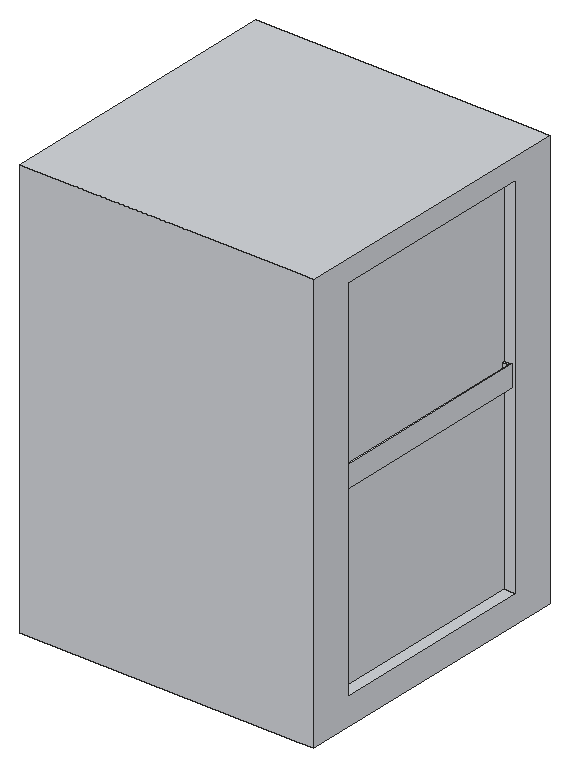
Revit family "M_Ducha - Retangular", category Peças hidrossanitárias, Revit 2019
Family settings
  Cota do conector redondo = Usar raio
  Tipo de parte = Normal
  Número OmniClass = 23.45.05.14.21.11
  Título OmniClass = Bath/Shower Units
  ID de item do Seek = Shower Stall - Rectangular-0000-CAN-ENU
  Com base no plano de trabalho = Não
  Sempre na vertical = Sim
  Corte com vazios quando carregada = Não
  Compartilhado = Não
  Ponto de cálculo do ambiente = Não
Parameters (values of type "1065 mmx1065 mm - Público")
  WFU = 2
  Largura do chuveiro = 1067 mm
  Material da ducha = none
  Comprimento do chuveiro = 1067 mm
  Altura do chuveiro = 1524 mm
  Raio do sanitário = 12.5 mm
  Diâmetro do sanitário = 2 * Raio do sanitário  # 25 mm
  Comprimento 1 = 38.1 mm * tan(Ângulo)  # 38.1 mm
  Raio da água quente = 7.5 mm
  Diâmetro da água quente = 2 * Raio da água quente  # 15 mm
  Altura do puxador = 843 mm
  Largura da meia porta = 1 / 2 * Largura da porta  # 381 mm
  HWFU = 3
  Pressão do fluxo [instance] = 55158.0 Pa
  Largura da porta = 762 mm
  Material da porta = none
  Material da maçaneta = none
  Raio da água gelada = 7.5 mm
  Diâmetro da água gelada = 2 * Raio da água gelada  # 15 mm
  CWFU = 3
  Ângulo = atan(Largura do chuveiro / Comprimento do chuveiro)  # 45.00°
Types (7, lengths in mm): name | Largura do chuveiro | Comprimento do chuveiro | Altura do chuveiro | Raio do sanitário | Diâmetro do sanitário | Comprimento 1 | Altura do puxador | Largura da meia porta | HWFU | Largura da porta | CWFU | Ângulo
  (no name) | 1067 | 1067 | 1524 | 12.5 | 25 | 38.1 | 843 | 381 | 3 | 762 | 3 | 45.00°
  865 mmx815 mm - Público | 815 | 865 | 1829 | 25 | 50 | 35.898 | 838 | 330 | 3 | 660 | 3 | 43.2953°
  1065 mmx1065 mm - Público | 1067 | 1067 | 1524 | 12.5 | 25 | 38.1 | 843 | 381 | 3 | 762 | 3 | 45.00°
  915 mmx915 mm - Público | 915 | 915 | 1524 | 12.5 | 25 | 38.1 | 838 | 286 | 3 | 572 | 3 | 45.00°
  1065 mmx1065 mm - Privado | 1067 | 1067 | 1524 | 12.5 | 25 | 38.1 | 843 | 381 | 1 | 762 | 1 | 45.00°
  865 mmx815 mm - Privado | 815 | 865 | 1829 | 25 | 50 | 35.898 | 838 | 330 | 1 | 660 | 1 | 43.2953°
  915 mmx915 mm - Privado | 915 | 915 | 1524 | 12.5 | 25 | 38.1 | 838 | 286 | 1 | 572 | 1 | 45.00°
Reference planes
  plane 1 "Centro (Frente/Trás)": y = 0
  plane 2: z = 0
  plane 3 "Centro (Esquerda/Direita)": x = 0
  plane 4: y = 1067
  plane 5: x = 1067
  plane 6: z = 1524
  plane 7: x = 50.8
  plane 8: z = 101.6
  plane 9: y = 50.8
  plane 10: y = 1016.2
  plane 11: z = 1447.8
  plane 12: y = 533.5
  plane 13: y = 914.5
  plane 14: y = 152.5
  plane 15: x = 1016.2
  plane 16: x = 1022.55
  plane 17: z = 843
  plane 18: z = 766.8
  plane 19: x = 1054.3
  plane 20: y = 908.15
  plane 21: x = 1047.95
  plane 22: y = 158.85
  plane 23: x = 533.5
  plane 24: x = 1016.2
  plane 25: x = 495.4
  plane 26: x = 571.6
  plane 27: z = 914.4
  plane 28: y = 647.8
  plane 29: y = 419.2
  plane 30: y = 571.6
  plane 31: y = 495.4
Forms (mm)
  Extrusion 1, solid, material <- "Material da ducha"
    sketch origin (0, 0, 0) x (1, 0, 0) y (0, 1, 0)
      loop
        line (0, 1067) -> (0, 0) -> (1067, 0) -> (1067, 1067) -> (0, 1067)
    from 0 to 1524
  Extrusion 2, void
    sketch origin (0, 0, 0) x (0, 1, 0) y (0, 0, 1)
      loop
        line (50.8, 1447.8) -> (50.8, 101.6) -> (1016.2, 101.6) -> (1016.2, 1447.8) -> (50.8, 1447.8)
    from 50.8 to 1067
  Extrusion 3, solid, material <- "Material da ducha"
    sketch origin (0, 0, 0) x (1, 0, 0) y (0, 1, 0)
      loop
        line (1016.2, 1067) -> (1016.2, 914.5) -> (1067, 914.5) -> (1067, 1067) -> (1016.2, 1067)
      loop
        line (1016.2, 152.5) -> (1016.2, 0) -> (1067, 0) -> (1067, 152.5) -> (1016.2, 152.5)
    from 0 to 1524
  Extrusion 4, solid, material <- "Material da porta"
    sketch origin (0, 0, 0) x (1, 0, 0) y (0, 1, 0)
      loop
        line (1016.2, 914.5) -> (1016.2, 152.5) -> (1022.55, 152.5) -> (1022.55, 914.5) -> (1016.2, 914.5)
    from 101.6 to 1447.8
  Extrusion 5, solid, material <- "Material da maçaneta"
    sketch origin (0, 0, 0) x (0, 1, 0) y (0, 0, 1)
      loop
        line (152.5, 843) -> (152.5, 766.8) -> (914.5, 766.8) -> (914.5, 843) -> (152.5, 843)
    from 1022.55 to 1054.3
  Extrusion 6, void
    sketch origin (0, 0, 0) x (1, 0, 0) y (0, 1, 0)
      loop
        line (1022.55, 908.15) -> (1022.55, 158.85) -> (1047.95, 158.85) -> (1047.95, 908.15) -> (1022.55, 908.15)
    from 766.8 to 843
  Extrusion 7, solid, material <- "Material da ducha"
    sketch origin (0, 0, 0) x (1, 0, 0) y (0, 1, 0)
      loop
        circle (533.5, 533.5) r 31.75
    from 0 to 101.6
  Extrusion 8, solid, material <- "Material da ducha"
    sketch origin (0, 0, 0) x (0, 1, 0) y (0, 0, 1)
      loop
        circle (647.8, 914.4) r 12.7
      loop
        circle (419.2, 914.4) r 12.7
    from 0 to 50.8
Cuts and joins
  Extrusion 2 cuts Extrusion 1
  joined: Extrusion 1, Extrusion 3, Extrusion 8
  Extrusion 6 cuts Extrusion 5
Lines and regions (mm)
  symbolic lines, style "PlumbingFixtures"
    curve 1: line (50.8, 1016.2, 0) -> (1016.2, 1016.2, 0)
    curve 2: line (50.8, 50.8, 0) -> (50.8, 1016.2, 0)
    curve 3: line (1016.2, 50.8, 0) -> (50.8, 50.8, 0)
    curve 4: line (1016.2, 914.5, 0) -> (1067, 914.5, 0)
    curve 5: line (1016.2, 152.5, 0) -> (1067, 152.5, 0)
    curve 6: line (1016.2, 1016.2, 0) -> (1016.2, 914.5, 0)
    curve 7: line (1016.2, 152.5, 0) -> (1016.2, 50.8, 0)
    curve 8: circle (533.5, 533.5, 0) r 31.75 normal (0, 0, 1)
    curve 9: line (50.8, 1016.2, 0) -> (495.4, 571.6, 0)
    curve 10: line (571.6, 571.6, 0) -> (1016.2, 1016.2, 0)
    curve 11: line (495.4, 495.4, 0) -> (50.8, 50.8, 0)
    curve 12: line (571.6, 495.4, 0) -> (1016.2, 50.8, 0)
Dimensions and locks
  "Comprimento do chuveiro": plane 3 "Centro (Esquerda/Direita)" to plane 5
  "Largura do chuveiro": plane 4 to plane 1 "Centro (Frente/Trás)"
  "Altura do chuveiro": plane 6 to plane 2
  locked: plane 3 "Centro (Esquerda/Direita)" to plane 7 at 50.8
  locked: plane 8 to plane 2 at 101.6
  locked: plane 11 to plane 6 at 76.2
  locked: plane 10 to plane 4 at 50.8
  locked: plane 1 "Centro (Frente/Trás)" to plane 9 at 50.8
  equal spacing: plane 4, plane 12, plane 1 "Centro (Frente/Trás)"
  "Largura da meia porta": plane 13 to plane 12
  "Largura da meia porta": plane 12 to plane 14
  locked: plane 15 to plane 16 at 6.35
  "Altura do puxador": plane 17 to plane 2
  locked: plane 17 to plane 18 at 76.2
  locked: plane 19 to plane 5 at 12.7
  locked: plane 13 to plane 20 at 6.35
  locked: plane 14 to plane 22 at 6.35
  locked: plane 21 to plane 19 at 6.35
  equal spacing: plane 3 "Centro (Esquerda/Direita)", plane 23, plane 5
  locked: plane 24 to plane 5 at 50.8
  locked: plane 27 to plane 2 at 914.4
  plane 28 to plane 12 to plane 29 = 114.3 mm locked, 114.3 mm locked
  locked: plane 25 to plane 23 at 38.1
  locked: plane 23 to plane 26 at 38.1
  "Comprimento 1": plane 30 to plane 12
  "Comprimento 1": plane 12 to plane 31
  radius of curve 8 = 31.75 mm
  aligned and locked: plane 3 "Centro (Esquerda/Direita)" to Extrusion 1 sketch curve
  aligned and locked: Extrusion 1 sketch curve to plane 4
  aligned and locked: plane 1 "Centro (Frente/Trás)" to Extrusion 1 sketch curve
  aligned and locked: Extrusion 1 sketch curve to plane 5
  aligned and locked: Extrusion 1 to plane 2
  aligned and locked: Extrusion 1 to plane 6
  aligned and locked: plane 9 to Extrusion 2 sketch curve
  aligned and locked: plane 11 to Extrusion 2 sketch curve
  aligned and locked: plane 8 to Extrusion 2 sketch curve
  aligned and locked: Extrusion 2 sketch curve to plane 10
  aligned and locked: plane 5 to Extrusion 2
  aligned and locked: Extrusion 2 to plane 7
  aligned and locked: plane 15 to Extrusion 3 sketch curve  (x2)
  aligned and locked: plane 4 to Extrusion 3 sketch curve
  aligned and locked: Extrusion 3 sketch curve to plane 13
  aligned and locked: Extrusion 3 sketch curve to plane 5
  aligned and locked: Extrusion 3 sketch curve to plane 14
  aligned and locked: cut or joined group of Extrusion 1, Extrusion 2, Extrusion 3, Extrusion 8 to Extrusion 3 sketch curve
  aligned and locked: Extrusion 3 sketch curve to cut or joined group of Extrusion 1, Extrusion 2, Extrusion 3, Extrusion 8
  aligned and locked: plane 2 to Extrusion 3
  aligned and locked: Extrusion 3 to plane 6
  aligned and locked: Extrusion 4 sketch curve to cut or joined group of Extrusion 1, Extrusion 2, Extrusion 3, Extrusion 8  (x2)
  aligned and locked: plane 14 to Extrusion 4 sketch curve
  aligned and locked: Extrusion 4 sketch curve to plane 16
  aligned and locked: Extrusion 4 to plane 11
  aligned and locked: Extrusion 4 to plane 8
  aligned and locked: plane 14 to Extrusion 5 sketch curve
  aligned and locked: Extrusion 5 sketch curve to plane 17
  aligned and locked: plane 18 to Extrusion 5 sketch curve
  aligned and locked: Extrusion 5 sketch curve to plane 13
  aligned and locked: Extrusion 5 to plane 16
  aligned and locked: plane 19 to Extrusion 5
  aligned and locked: plane 16 to Extrusion 6 sketch curve
  aligned and locked: plane 20 to Extrusion 6 sketch curve
  aligned and locked: plane 22 to Extrusion 6 sketch curve
  aligned and locked: Extrusion 6 sketch curve to plane 21
  aligned and locked: plane 17 to Extrusion 6
  aligned and locked: Extrusion 6 to plane 18
  aligned and locked: plane 12 to Extrusion 7 sketch curve
  aligned and locked: plane 23 to Extrusion 7 sketch curve
  aligned and locked: Extrusion 7 to plane 2
  aligned and locked: plane 8 to Extrusion 7
  aligned and locked: curve 1 to cut or joined group of Extrusion 1, Extrusion 2, Extrusion 3, Extrusion 8
  aligned and locked: plane 27 to Extrusion 8 sketch curve  (x2)
  aligned and locked: plane 28 to Extrusion 8 sketch curve
  aligned and locked: plane 29 to Extrusion 8 sketch curve
  aligned and locked: Extrusion 8 to plane 3 "Centro (Esquerda/Direita)"
  aligned and locked: plane 7 to Extrusion 8
  aligned and locked: plane 5 to curve 4
  aligned and locked: plane 5 to curve 5
  aligned and locked: plane 13 to curve 6
  aligned and locked: plane 14 to curve 7
  aligned and locked: curve 7 to plane 24
  aligned and locked: plane 15 to plane 24
  aligned and locked: plane 12 to curve 8
  aligned and locked: plane 23 to curve 8
  aligned and locked: plane 7 to curve 9
  aligned and locked: plane 30 to curve 9
  aligned and locked: plane 25 to curve 9
  aligned and locked: plane 10 to curve 10
  aligned and locked: plane 24 to curve 10
  aligned and locked: curve 10 to plane 30
  aligned and locked: plane 26 to curve 10
  aligned and locked: plane 9 to curve 11
  aligned and locked: plane 7 to curve 11
  aligned and locked: plane 31 to curve 11
  aligned and locked: plane 25 to curve 11
  aligned and locked: plane 9 to curve 12
  aligned and locked: plane 24 to curve 12
  aligned and locked: plane 31 to curve 12
  aligned and locked: plane 26 to curve 12
Automatic sketch dimensions
  radius of Extrusion 7 sketch curve = 31.75 mm
  radius of Extrusion 8 sketch curve = 12.7 mm  (x2)
Connectors
  piping at (533.5, 533.5, 0), diameter 25, driven by "WFU", driven by "Raio do sanitário"
    settings: on Extrusion 7, index 1, connector inside diameter 25 mm, connector length 0 mm, flow factor 0, pipe flow 0.0 L/s, pressure drop 0.0 Pa, fitting loss kfactor 0, connector angle 0.00°, fixture units 2, engagement length 0 mm, angle of deflection 0.00°, flow configuration 3, flow direction 2, fitting loss method 0, system type 16, joint type 0, gender type 0, connector reference index -1, connector utility 0, adjustable connector no, is connector primary no, connector description "Saída"
  piping at (0, 647.8, 914.4), diameter 15, driven by "CWFU", driven by "Pressão do fluxo", driven by "Raio da água gelada"
    settings: on Extrusion 8, index 2, connector inside diameter 15 mm, connector length 0 mm, flow factor 0, pipe flow 0.0 L/s, pressure drop 55158.0 Pa, fitting loss kfactor 0, connector angle 0.00°, fixture units 3, engagement length 0 mm, angle of deflection 0.00°, flow configuration 3, flow direction 1, fitting loss method 4, system type 20, joint type 0, gender type 0, connector reference index -1, connector utility 0, adjustable connector no, is connector primary yes, connector description "In"
  piping at (0, 419.2, 914.4), diameter 15, driven by "HWFU", driven by "Raio da água quente", driven by "Pressão do fluxo"
    settings: on Extrusion 8, index 3, connector inside diameter 15 mm, connector length 0 mm, flow factor 0, pipe flow 0.0 L/s, pressure drop 55158.0 Pa, fitting loss kfactor 0, connector angle 0.00°, fixture units 3, engagement length 0 mm, angle of deflection 0.00°, flow configuration 3, flow direction 1, fitting loss method 4, system type 19, joint type 0, gender type 0, connector reference index -1, connector utility 0, adjustable connector no, is connector primary no, connector description "In"
